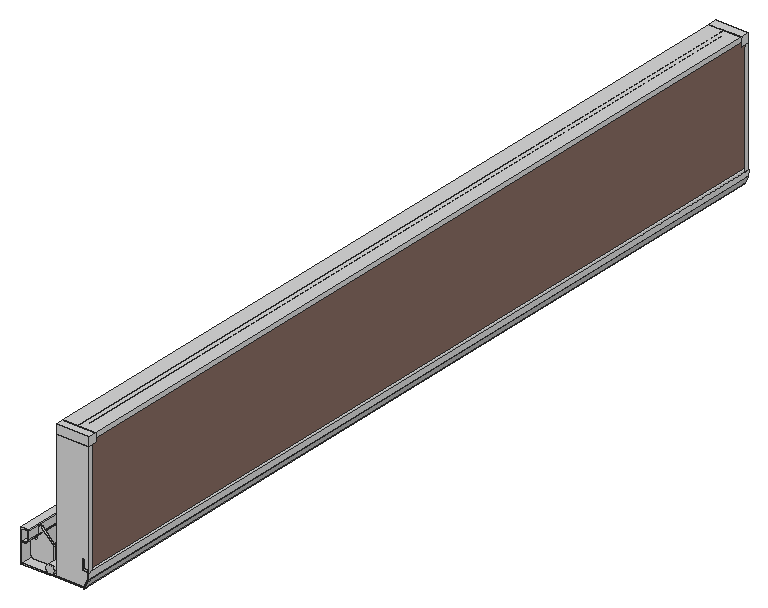
Revit family "ML_ML UNIVERSAL HINGED CORNER 8'_1920098", category Generic Models, Revit 2018
Family settings
  Can host rebar = No
  Round Connector Dimension = Use Diameter
  Part Type = Normal
  OmniClass Number = 35.51.14.00
  OmniClass Title = FORMWORK
  Work Plane-Based = Yes
  Always vertical = No
  Cut with Voids When Loaded = No
  Shared = Yes
  Room Calculation Point = No
Parameters
  VERSION = "20190101"  # constant formula
  URL = "www.ulmaconstruction.com/en"
  UNICLASS = ""
  REAL ANGLE [instance] = if(ANGLE < 5.00°, ANGLE, 5.00°)  # 0.00°
  ITEM_CODE = "1920098"
  Manufacturer = "ULMA CONSTRUCTION"  # constant formula
  INSERTION POINT [instance] = 0"
  FILTER [instance] = ""
  Default Elevation = 0"
  CLASSIFICATION_TITLE = ""
  CLASSIFICATION_NUMBER = ""
  CHANGE INSERTION SIDE [instance] = no
  ANGLE [instance] = 0.00°
Reference planes (in)
  plane 1 "Centro (Frontal/Posterior)": y = 0
  plane 2: z = 0
  plane 3 "Centro (Izquierda/Derecha)": x = 0
  plane 4 "ITEM_HEIGHT": y = 96
  plane 5: x = -4.5
  plane 6 "INSERTION POINT": y = 0
  plane 7: z = 0.61024
  plane 8 "TIE HOLES 1": x = -6.5
  plane 9 "LATERAL HOLES 1": z = 1.5
Forms (in)
  Extrusion 1, solid, material "ULMA ZINC"
    sketch origin (-6, 0, 0) x (-1, 0, 0) y (0, 0, -1)
      loop
        line (-1.45276, -0.11811) -> (1.88189, -0.11811) -> (1.88189, -3.6811) -> (1.05512, -3.6811) -> (1.05512, -3.79921) -> (2, -3.79921) -> (2, 0) -> (-1.45276, 0) -> (-1.45276, -0.11811)
    from -96 to 0
  Extrusion 2, solid, material "ULMA ZINC", detail levels fine
    sketch origin (-6.03937, 0, 0.03937) x (1, 0, 0) y (0, 0, 1)
      loop
        arc (-1.11417, 2.69965) -> (-1.12167, 2.66198) -> (-1.143, 2.63005) r 0.09843
        line (-1.143, 2.63005) -> (-1.38202, 2.39103)
        arc (-1.38202, 2.39103) -> (-1.41395, 2.3697) -> (-1.45162, 2.3622) r 0.09843
        line (-1.45162, 2.3622) -> (-1.84252, 2.3622) -> (-1.84252, 2.26378) -> (-1.45162, 2.26378)
        arc (-1.45162, 2.26378) -> (-1.37629, 2.27876) -> (-1.31242, 2.32144) r 0.19685
        line (-1.31242, 2.32144) -> (-1.0734, 2.56045)
        arc (-1.0734, 2.56045) -> (-1.03073, 2.62432) -> (-1.01575, 2.69965) r 0.19685
        line (-1.01575, 2.69965) -> (-1.01575, 3.64173) -> (-1.11417, 3.64173) -> (-1.11417, 2.69965)
    from -96 to 0
  Extrusion 3, solid, material "ULMA ZINC"
    sketch origin (-4.5, 0, 0.45276) x (1, 0, 0) y (0, 0, 1)
      loop
        circle (0, 0.15748) r 0.49213
    from -96 to 0
  Extrusion 4, solid, material "ULMA ZINC", detail levels fine
    sketch origin (0, 0, 0) x (1, 0, 0) y (0, 0, 1)
      loop
        line (-5.2413, 2.39878) -> (-6.52642, 3.6839)
        arc (-6.52642, 3.6839) -> (-6.65415, 3.76924) -> (-6.80481, 3.79921) r 0.3937
        line (-6.80481, 3.79921) -> (-7.01575, 3.79921) -> (-7.01575, 2.24409) -> (-7.88189, 2.24409) -> (-7.88189, 0.51181) -> (-7.48819, 0.11811) -> (-5.12598, 0.11811) -> (-5.12598, 2.12039)
        arc (-5.12598, 2.12039) -> (-5.15595, 2.27105) -> (-5.2413, 2.39878) r 0.3937
    from -1.45669 to -1.29921
  Extrusion 5, solid, material "ULMA ZINC", detail levels fine
    sketch origin (0, 14.46094, 0) x (1, 0, 0) y (0, 1, 0)
      loop
        arc (-6.07087, 5.34372) -> (-5.2357, 5.68966) -> (-4.88976, 6.52482) r 1.1811
        line (-4.88976, 6.52482) -> (-4.88976, 8.69079) -> (-5.08661, 8.69079) -> (-5.08661, 6.52482)
        arc (-5.08661, 6.52482) -> (-5.37489, 5.82885) -> (-6.07087, 5.54057) r 0.98425
        line (-6.07087, 5.54057) -> (-7.05512, 5.54057) -> (-7.05512, 5.34372) -> (-6.07087, 5.34372)
    from 0.11811 to 3.79921
  Extrusion 6, solid, material "ULMA ZINC", detail levels fine
    sketch origin (0, 0, 0) x (1, 0, 0) y (0, 0, 1)
      loop
        line (-5.2413, 2.39878) -> (-6.52642, 3.6839)
        arc (-6.52642, 3.6839) -> (-6.65415, 3.76924) -> (-6.80481, 3.79921) r 0.3937
        line (-6.80481, 3.79921) -> (-7.01575, 3.79921) -> (-7.01575, 2.24409) -> (-7.88189, 2.24409) -> (-7.88189, 0.51181) -> (-7.48819, 0.11811) -> (-5.12598, 0.11811) -> (-5.12598, 2.12039)
        arc (-5.12598, 2.12039) -> (-5.15595, 2.27105) -> (-5.2413, 2.39878) r 0.3937
    from -48.07936 to -47.92188
  Extrusion 7, solid, material "ULMA ZINC", detail levels fine
    sketch origin (0, 0, 0) x (1, 0, 0) y (0, 0, 1)
      loop
        line (-5.2413, 2.39878) -> (-6.52642, 3.6839)
        arc (-6.52642, 3.6839) -> (-6.65415, 3.76924) -> (-6.80481, 3.79921) r 0.3937
        line (-6.80481, 3.79921) -> (-7.01575, 3.79921) -> (-7.01575, 2.24409) -> (-7.88189, 2.24409) -> (-7.88189, 0.51181) -> (-7.48819, 0.11811) -> (-5.12598, 0.11811) -> (-5.12598, 2.12039)
        arc (-5.12598, 2.12039) -> (-5.15595, 2.27105) -> (-5.2413, 2.39878) r 0.3937
    from -94.70079 to -94.54331
  Extrusion 8, solid, material "ULMA ZINC", detail levels fine
    sketch origin (0, 0, 0) x (1, 0, 0) y (0, 0, 1)
      loop
        line (-4.59449, 3.79921) -> (-7.01575, 3.79921) -> (-7.01575, 2.24409) -> (-7.88189, 2.24409) -> (-7.88189, 0.51181) -> (-7.48819, 0.11811) -> (-5.06693, 0.11811) -> (-5.06693, 1.67323) -> (-4.20079, 1.67323) -> (-4.20079, 3.40551) -> (-4.59449, 3.79921)
    from -72.84889 to -72.69141
  Extrusion 9, solid, material "ULMA ZINC", detail levels fine
    sketch origin (0, 95.99849, 0) x (1, 0, 0) y (0, 1, 0)
      loop
        line (-6.07087, -19.80315) -> (-7.05512, -19.80315) -> (-7.05512, -20) -> (-6.07087, -20)
        arc (-6.07087, -20) -> (-5.37489, -20.28828) -> (-5.08661, -20.98425) r 0.98425
        line (-5.08661, -20.98425) -> (-5.08661, -23.14961) -> (-4.88976, -23.14961) -> (-4.88976, -20.98425)
        arc (-4.88976, -20.98425) -> (-5.2357, -20.14909) -> (-6.07087, -19.80315) r 1.1811
    from 0.11811 to 3.79921
  Extrusion 10, solid, material "ULMA ZINC", detail levels fine
    sketch origin (0.26575, 0, 0) x (1, 0, 0) y (0, 0, 1)
      loop
        line (-4.59449, 3.79921) -> (-7.01575, 3.79921) -> (-7.01575, 2.24409) -> (-7.88189, 2.24409) -> (-7.88189, 0.51181) -> (-7.48819, 0.11811) -> (-5.06693, 0.11811) -> (-5.06693, 1.67323) -> (-4.20079, 1.67323) -> (-4.20079, 3.40551) -> (-4.59449, 3.79921)
    from -23.30859 to -23.15111
Cuts and joins
  joined: Extrusion 2, Extrusion 4
Lines and regions (in)
  model lines, style "ULMA PANELS", detail levels fine
    curve 1: circle (-8, 6, 1.5) r 0.3937 normal (1, 0, 0)
    curve 2: circle (-7.88189, 6, 1.5) r 0.3937 normal (1, 0, 0)
    curve 3: circle (-7.88189, 18, 1.5) r 0.3937 normal (1, 0, 0)
    curve 4: circle (-7.88189, 30, 1.5) r 0.3937 normal (1, 0, 0)
    curve 5: circle (-7.88189, 42, 1.5) r 0.3937 normal (1, 0, 0)
    curve 6: circle (-8, 18, 1.5) r 0.3937 normal (1, 0, 0)
    curve 7: circle (-8, 30, 1.5) r 0.3937 normal (1, 0, 0)
    curve 8: circle (-8, 42, 1.5) r 0.3937 normal (1, 0, 0)
    curve 12: circle (-6.5, 74.76953, 0) r 0.61024 normal (0, 0, 1)
    curve 13: circle (-6.5, 74.76953, 0.11811) r 0.61024 normal (0, 0, 1)
    curve 14: circle (-6.5, 21.23047, 0) r 0.61024 normal (0, 0, 1)
    curve 15: circle (-6.5, 21.23047, 0.11811) r 0.61024 normal (0, 0, 1)
    curve 19: circle (-7.88189, 54, 1.5) r 0.3937 normal (1, 0, 0)
    curve 20: circle (-7.88189, 66, 1.5) r 0.3937 normal (1, 0, 0)
    curve 21: circle (-7.88189, 78, 1.5) r 0.3937 normal (1, 0, 0)
    curve 22: circle (-7.88189, 90, 1.5) r 0.3937 normal (1, 0, 0)
    curve 23: circle (-8, 54, 1.5) r 0.3937 normal (1, 0, 0)
    curve 24: circle (-8, 66, 1.5) r 0.3937 normal (1, 0, 0)
    curve 25: circle (-8, 78, 1.5) r 0.3937 normal (1, 0, 0)
    curve 26: circle (-8, 90, 1.5) r 0.3937 normal (1, 0, 0)
  model lines, style "ULMA PANELS", detail levels medium
    curve 9: line (-8, 0, 0) -> (-8, 0, 3.79921)
    curve 10: line (-8, 0, 3.79921) -> (-8, 96, 3.79921)
    curve 11: line (-8, 96, 3.79921) -> (-8, 96, 0)
  reference lines
    curve 16: line (-4.5, 0, 0.61024) -> (9.5, 0, 0.61024)
  model lines, style "ULMA REFERENCE", detail levels fine
    curve 17: circle (-6.5, 74.76953, 3.79921) r 0.61024 normal (0, 0, 1)
    curve 18: circle (-6.5, 21.23047, 3.79921) r 0.61024 normal (0, 0, 1)
Dimensions and locks (in)
  locked: plane 1 "Centro (Frontal/Posterior)" to curve 2 at 6
  plane 1 "Centro (Frontal/Posterior)" to plane 4 "ITEM_HEIGHT" = 96"
  locked: curve 1 to plane 1 "Centro (Frontal/Posterior)" at 6
  locked: plane 3 "Centro (Izquierda/Derecha)" to plane 5 at 4.5
  Extrusion 8 sketch curve to Extrusion 8 sketch curve = 0.86614"
  Extrusion 10 sketch curve to Extrusion 10 sketch curve = 0.86614"
  "INSERTION POINT": plane 1 "Centro (Frontal/Posterior)" to plane 6 "INSERTION POINT"
  locked: plane 7 to plane 2 at 0.61024
  locked: plane 8 "TIE HOLES 1" to plane 3 "Centro (Izquierda/Derecha)" at 6.5
  locked: plane 2 to plane 9 "LATERAL HOLES 1" at 1.5
  "REAL ANGLE": angle plane 2 to curve 16
  aligned and locked: plane 4 "ITEM_HEIGHT" to Extrusion 3
  aligned and locked: Extrusion 3 to Extrusion 1
  aligned and locked: Extrusion 1 to Extrusion 2
  aligned and locked: plane 5 to curve 16
  aligned and locked: plane 7 to curve 16
  aligned and locked: nested 1 to plane 1 "Centro (Frontal/Posterior)"
Automatic sketch dimensions
  Extrusion 1 sketch curve to level = 0"
  Extrusion 1 sketch curve to plane 5 = 0.04724"
  Extrusion 1 sketch curve to plane 5 = 2.55512"
  Extrusion 1 sketch curve to level = 0.11811"
  Extrusion 1 sketch curve to Extrusion 1 sketch curve = 3.33465"
  Extrusion 1 sketch curve to Extrusion 1 sketch curve = 0.11811"  (x2)
  Extrusion 1 sketch curve to Extrusion 1 sketch curve = 3.56299"
  Extrusion 2 sketch curve to Extrusion 2 sketch curve = 0"  (x4)
  plane 5 to Extrusion 2 sketch curve = 3.38189"
  Extrusion 2 sketch curve to Extrusion 2 sketch curve = 0.3909"
  Extrusion 2 sketch curve to Extrusion 2 sketch curve = 0.0696"  (x4)
  Extrusion 2 sketch curve to Extrusion 2 sketch curve = 0.23902"  (x2)
  Extrusion 2 sketch curve to Extrusion 2 sketch curve = 0.09843"  (x3)
  level to Extrusion 2 sketch curve = 2.30315"
  Extrusion 2 sketch curve to Extrusion 2 sketch curve = 0.05766"
  Extrusion 2 sketch curve to Extrusion 2 sketch curve = 0.94208"
  plane 5 to Extrusion 3 sketch curve = 0"
  level to Extrusion 3 sketch curve = 0.61024"
  level to Extrusion 4 sketch curve = 0.51181"
  plane 5 to Extrusion 4 sketch curve = 3.38189"
  level to Extrusion 4 sketch curve = 0.11811"
  Extrusion 4 sketch curve to Extrusion 4 sketch curve = 0.3937"
  Extrusion 4 sketch curve to Extrusion 4 sketch curve = 0.86614"
  Extrusion 4 sketch curve to Extrusion 4 sketch curve = 27/128"
  Extrusion 4 sketch curve to Extrusion 4 sketch curve = 0.27839"  (x3)
  plane 5 to Extrusion 4 sketch curve = 1.01969"
  plane 5 to Extrusion 4 sketch curve = 0.62598"
  Extrusion 4 sketch curve to Extrusion 4 sketch curve = 2.00228"
  Extrusion 4 sketch curve to Extrusion 4 sketch curve = 0.12371"
  Extrusion 4 sketch curve to Extrusion 4 sketch curve = 1.16142"
  Extrusion 5 sketch curve to Extrusion 5 sketch curve = 0.98425"  (x2)
  Extrusion 5 sketch curve to Extrusion 5 sketch curve = 0.19685"
  level to Extrusion 6 sketch curve = 0.51181"
  plane 5 to Extrusion 6 sketch curve = 3.38189"
  level to Extrusion 6 sketch curve = 0.11811"
  Extrusion 6 sketch curve to Extrusion 6 sketch curve = 0.3937"
  Extrusion 6 sketch curve to Extrusion 6 sketch curve = 0.86614"
  Extrusion 6 sketch curve to Extrusion 6 sketch curve = 27/128"
  Extrusion 6 sketch curve to Extrusion 6 sketch curve = 0.27839"  (x3)
  plane 5 to Extrusion 6 sketch curve = 1.01969"
  plane 5 to Extrusion 6 sketch curve = 0.62598"
  Extrusion 6 sketch curve to Extrusion 6 sketch curve = 2.00228"
  Extrusion 6 sketch curve to Extrusion 6 sketch curve = 0.12371"
  Extrusion 6 sketch curve to Extrusion 6 sketch curve = 1.16142"
  level to Extrusion 7 sketch curve = 0.51181"
  plane 5 to Extrusion 7 sketch curve = 3.38189"
  level to Extrusion 7 sketch curve = 0.11811"
  Extrusion 7 sketch curve to Extrusion 7 sketch curve = 0.3937"
  Extrusion 7 sketch curve to Extrusion 7 sketch curve = 0.86614"
  Extrusion 7 sketch curve to Extrusion 7 sketch curve = 27/128"
  Extrusion 7 sketch curve to Extrusion 7 sketch curve = 0.27839"  (x3)
  plane 5 to Extrusion 7 sketch curve = 1.01969"
  plane 5 to Extrusion 7 sketch curve = 0.62598"
  Extrusion 7 sketch curve to Extrusion 7 sketch curve = 2.00228"
  Extrusion 7 sketch curve to Extrusion 7 sketch curve = 0.12371"
  Extrusion 7 sketch curve to Extrusion 7 sketch curve = 1.16142"
  Extrusion 8 sketch curve to Extrusion 8 sketch curve = 0.3937"  (x3)
  Extrusion 8 sketch curve to Extrusion 8 sketch curve = 1.73228"  (x2)
  Extrusion 9 sketch curve to Extrusion 9 sketch curve = 0"  (x3)
  Extrusion 9 sketch curve to Extrusion 9 sketch curve = 0.98425"  (x2)
  Extrusion 9 sketch curve to Extrusion 9 sketch curve = 0.19685"
  Extrusion 8 sketch curve to Extrusion 8 sketch curve = 2.42126"
  Extrusion 8 sketch curve to Extrusion 8 sketch curve = 0.47244"
  Extrusion 8 sketch curve to Extrusion 8 sketch curve = 0.86614"
  Extrusion 8 sketch curve to Extrusion 8 sketch curve = 1.55512"
  curve 13 to Extrusion 9 = 0.55512"  (x2)
  Extrusion 9 to curve 13 = 1.22896"  (x2)
  Extrusion 5 to curve 15 = 0.55512"  (x3)
  curve 15 to Extrusion 5 = 1.22896"  (x3)
  Extrusion 5 sketch curve to Extrusion 5 sketch curve = 2.16597"
  Extrusion 5 sketch curve to Extrusion 5 sketch curve = 0"  (x3)
  Extrusion 10 sketch curve to Extrusion 10 sketch curve = 0.55678"  (x3)
  Extrusion 10 sketch curve to Extrusion 10 sketch curve = 2.42126"  (x2)
  Extrusion 10 sketch curve to Extrusion 10 sketch curve = 2.17785"
  Extrusion 10 sketch curve to Extrusion 10 sketch curve = 0.86614"  (x3)
  Extrusion 10 sketch curve to Extrusion 10 sketch curve = 1.78005"
  Extrusion 10 sketch curve to Extrusion 10 sketch curve = 1.73228"  (x4)
  Extrusion 10 sketch curve to Extrusion 10 sketch curve = 0.3937"  (x3)
  Extrusion 10 sketch curve to Extrusion 10 sketch curve = 1.55512"
  Extrusion 10 sketch curve to Extrusion 10 sketch curve = 0.47244"
  curve 9 to Extrusion 1 = 0"  (x3)
  curve 11 to Extrusion 1 = 0"  (x2)
  plane 9 "LATERAL HOLES 1" to curve 2 = 0"
  curve 2 to plane 1 "Centro (Frontal/Posterior)" = 6"
  plane 9 "LATERAL HOLES 1" to curve 3 = 0"
  plane 9 "LATERAL HOLES 1" to curve 4 = 0"
  plane 9 "LATERAL HOLES 1" to curve 5 = 0"
  plane 9 "LATERAL HOLES 1" to curve 19 = 0"
  plane 9 "LATERAL HOLES 1" to curve 20 = 0"
  plane 9 "LATERAL HOLES 1" to curve 21 = 0"
  plane 9 "LATERAL HOLES 1" to curve 22 = 0"
  curve 22 to plane 4 "ITEM_HEIGHT" = 6"
  curve 14 to plane 8 "TIE HOLES 1" = 0"
  Extrusion 5 sketch curve to plane 8 "TIE HOLES 1" = 0.55512"
  Extrusion 10 sketch curve to plane 7 = 0.09843"
  Extrusion 10 sketch curve to plane 8 "TIE HOLES 1" = 1.11614"
  Extrusion 1 to curve 18 = 0.55512"
  Extrusion 1 to curve 18 = 21 59/256"
  curve 12 to plane 8 "TIE HOLES 1" = 0"
  Extrusion 8 sketch curve to plane 7 = 0.09843"
  Extrusion 8 sketch curve to plane 8 "TIE HOLES 1" = 1.38189"
  plane 8 "TIE HOLES 1" to Extrusion 9 sketch curve = 0.55512"
  Extrusion 1 to curve 17 = 0.55512"
  Extrusion 1 to curve 17 = 21 59/256"
  plane 9 "LATERAL HOLES 1" to curve 26 = 0"
  curve 26 to plane 4 "ITEM_HEIGHT" = 6"
  plane 9 "LATERAL HOLES 1" to curve 25 = 0"
  plane 9 "LATERAL HOLES 1" to curve 24 = 0"
  plane 9 "LATERAL HOLES 1" to curve 23 = 0"
  plane 9 "LATERAL HOLES 1" to curve 8 = 0"
  plane 9 "LATERAL HOLES 1" to curve 7 = 0"
  plane 9 "LATERAL HOLES 1" to curve 6 = 0"
  plane 9 "LATERAL HOLES 1" to curve 1 = 0"
  curve 1 to plane 1 "Centro (Frontal/Posterior)" = 6"
  curve 4 to curve 5 = 12"
  curve 5 to curve 19 = 12"
  curve 24 to curve 23 = 12"
  curve 23 to curve 8 = 12"
  curve 14 to plane 1 "Centro (Frontal/Posterior)" = 21 59/256"
  Extrusion 5 sketch curve to plane 1 "Centro (Frontal/Posterior)" = 19.80466"
  curve 2 to curve 3 = 12"
  curve 3 to curve 4 = 12"
  curve 8 to curve 7 = 12"
  curve 6 to curve 1 = 12"
  curve 12 to plane 4 "ITEM_HEIGHT" = 21 59/256"
  plane 4 "ITEM_HEIGHT" to Extrusion 9 sketch curve = 19.80466"
  Extrusion 9 sketch curve to Extrusion 9 sketch curve = 2.16535"
  curve 19 to curve 20 = 12"
  curve 20 to curve 21 = 12"
  curve 26 to curve 25 = 12"
  curve 25 to curve 24 = 12"
  radius of curve 2 = 0.3937"  (x2)
  radius of curve 3 = 0.3937"  (x2)
  radius of curve 4 = 0.3937"  (x2)
  radius of curve 5 = 0.3937"  (x2)
  radius of curve 1 = 0.3937"  (x2)
  radius of curve 6 = 0.3937"  (x2)
  radius of curve 7 = 0.3937"  (x2)
  radius of curve 8 = 0.3937"  (x2)
  radius of Extrusion 3 sketch curve = 0.49213"
  radius of curve 12 = 0.61024"  (x2)
  radius of curve 13 = 0.61024"  (x2)
  radius of curve 14 = 0.61024"  (x2)
  radius of curve 15 = 0.61024"  (x3)
  radius of curve 17 = 0.61024"  (x2)
  radius of curve 18 = 0.61024"  (x2)
  radius of curve 19 = 0.3937"  (x2)
  radius of curve 20 = 0.3937"  (x2)
  radius of curve 21 = 0.3937"  (x2)
  radius of curve 22 = 0.3937"  (x2)
  radius of curve 23 = 0.3937"  (x2)
  radius of curve 24 = 0.3937"  (x2)
  radius of curve 25 = 0.3937"  (x2)
  radius of curve 26 = 0.3937"  (x2)
Nested families (in)
  nested 1: "MARCO G UNIVERSAL - 1920084_PANELS" at (-4.5, 96, 0.61024), type "MARCO G UNIVERSAL - 1920084_PANELS"
    with FILTER ""
Definition of nested family "MARCO G UNIVERSAL - 1920084_PANELS"
  Parameters (values of type "MARCO G UNIVERSAL - 1920084_PANELS")
    VERSION = "20190101"  # constant formula
    URL = "www.ulmaconstruction.com/en"
    UNICLASS = ""
    Manufacturer = "ULMA CONSTRUCTION"  # constant formula
    FILTER [instance] = ""
    Default Elevation = 0"
    CLASSIFICATION_TITLE = ""
    CLASSIFICATION_NUMBER = ""
  Reference planes (in)
    plane 1 "Centro (Frontal/Posterior)": y = 0
    plane 2: z = 0
    plane 3 "Centro (Izquierda/Derecha)": x = 0
    plane 4 "ITEM_HEIGHT": y = 96
    plane 5: y = 23.51172
    plane 6: y = 72.48828
    plane 7: y = 6
    plane 8: y = 42.00219
    plane 9: y = 90
    plane 10: y = 54.00219
    plane 11 "LATERAL HOLES": x = 3
    plane 12 "TIE HOLES": z = 13.88976
    plane 13: z = 12.88976
    plane 14: z = 10.88189
    plane 15: z = 8.88189
    plane 16: z = 6.88189
    plane 17: z = 4.88189
    plane 18: z = 12.88976
    plane 19: z = 10.88189
    plane 20: z = 8.88189
    plane 21: z = 6.88189
    plane 22: z = 4.88189
    plane 23: z = 12.88976
    plane 24: z = 10.88189
    plane 25: z = 8.88189
    plane 26: z = 6.88189
    plane 27: z = 4.88189
    plane 28: z = 12.88976
    plane 29: z = 10.88189
    plane 30: z = 8.88189
    plane 31: z = 6.88189
    plane 32: z = 4.88189
  Forms (in)
    Extrusion 1, solid, detail levels fine
      sketch origin (4.49989, 0, -13.27756) x (0, 1, 0) y (-1, 0, 0)
        loop
          line (0.47244, 0) -> (95.52756, 0) -> (95.52756, 0.64972) -> (0.47244, 0.64972) -> (0.47244, 0)
      from 14.83661 to 28.19488
    Extrusion 2, solid, detail levels fine
      sketch origin (3.12193, 12.00397, 29.38886) x (0, 0, -1) y (0, -1, 0)
        loop
          line (16.95276, -11.50775) -> (17.14961, -11.50775) -> (17.14961, -9.3424)
          arc (17.14961, -9.3424) -> (16.80367, -8.50723) -> (15.9685, -8.16129) r 1.1811
          line (15.9685, -8.16129) -> (14.98425, -8.16129) -> (14.98425, -8.35814) -> (15.9685, -8.35814)
          arc (15.9685, -8.35814) -> (16.66448, -8.64643) -> (16.95276, -9.3424) r 0.98425
          line (16.95276, -9.3424) -> (16.95276, -11.50775)
      from -0.72823 to 2.42126
    Extrusion 3, solid, detail levels fine
      sketch origin (-13.6694, 0, 4.22047) x (1, 0, 0) y (0, 0, 1)
        loop
          circle (15, 3.16929) r 0.3937
      from -4.52331 to -0.98425
    Extrusion 4, solid, detail levels fine
      sketch origin (9.72114, 59.99616, 29.38917) x (0, 0, -1) y (0, -1, 0)
        loop
          line (16.95276, -12.49213) -> (16.95276, -14.65748)
          arc (16.95276, -14.65748) -> (16.66448, -15.35345) -> (15.9685, -15.64173) r 0.98425
          line (15.9685, -15.64173) -> (14.98425, -15.64173) -> (14.98425, -15.83858) -> (15.9685, -15.83858)
          arc (15.9685, -15.83858) -> (16.80367, -15.49265) -> (17.14961, -14.65748) r 1.1811
          line (17.14961, -14.65748) -> (17.14961, -12.49213) -> (16.95276, -12.49213)
      from 5.87097 to 9.02046
    Extrusion 5, solid, detail levels fine
      sketch origin (0, 0, 0) x (1, 0, 0) y (0, 0, 1)
        loop
          line (0.04724, -0.49213) -> (0.04724, -0.61024) -> (3.88412, -0.61024)
          arc (3.88412, -0.61024) -> (4.01104, -0.57324) -> (4.09821, -0.47385) r 0.23622
          line (4.09821, -0.47385) -> (4.47787, 0.34033)
          arc (4.47787, 0.34033) -> (4.4944, 0.38904) -> (4.5, 0.44016) r 0.23622
          line (4.5, 0.44016) -> (4.5, 1.16535)
          arc (4.5, 1.16535) -> (4.43081, 1.33239) -> (4.26378, 1.40157) r 0.23622
          line (4.26378, 1.40157) -> (3.9685, 1.40157)
          arc (3.9685, 1.40157) -> (3.88499, 1.43617) -> (3.85039, 1.51969) r 0.11811
          line (3.85039, 1.51969) -> (3.85028, 2.39961) -> (3.73228, 2.39961) -> (3.73228, 1.51969)
          arc (3.73228, 1.51969) -> (3.80147, 1.35265) -> (3.9685, 1.28346) r 0.23622
          line (3.9685, 1.28346) -> (4.26378, 1.28346)
          arc (4.26378, 1.28346) -> (4.3473, 1.24887) -> (4.38189, 1.16535) r 0.11811
          line (4.38189, 1.16535) -> (4.38189, 0.44016)
          arc (4.38189, 0.44016) -> (4.37909, 0.4146) -> (4.37082, 0.39025) r 0.11811
          line (4.37082, 0.39025) -> (3.99117, -0.42393)
          arc (3.99117, -0.42393) -> (3.94758, -0.47363) -> (3.88412, -0.49213) r 0.11811
          line (3.88412, -0.49213) -> (0.04724, -0.49213)
      from -96 to 0
    Extrusion 6, solid, detail levels fine
      sketch origin (4.49989, 66.01575, 58.88976) x (0, 0, -1) y (1, 0, 0)
        loop
          line (43.5, 0) -> (43.5, -3.79921) -> (44.32736, -3.79921)
          arc (44.32736, -3.79921) -> (44.43872, -3.75309) -> (44.48484, -3.64173) r 0.15748
          line (44.48484, -3.64173) -> (44.48484, -2.6821)
          arc (44.48484, -2.6821) -> (44.47326, -2.62282) -> (44.44021, -2.57226) r 0.15748
          line (44.44021, -2.57226) -> (44.24381, -2.37047)
          arc (44.24381, -2.37047) -> (44.19221, -2.33523) -> (44.13096, -2.32283) r 0.15748
          line (44.13096, -2.32283) -> (43.77587, -2.32283)
          arc (43.77587, -2.32283) -> (43.71999, -2.29957) -> (43.69713, -2.24353) r 0.07874
          line (43.69713, -2.24353) -> (43.69713, -1.08193)
          arc (43.69713, -1.08193) -> (43.72527, -1.03996) -> (43.77314, -1.02374) r 0.07874
          line (43.77314, -1.02374) -> (44.32677, -1.02374)
          arc (44.32677, -1.02374) -> (44.43813, -0.97761) -> (44.48425, -0.86626) r 0.15748
          line (44.48425, -0.86626) -> (44.48425, -0.8072)
          arc (44.48425, -0.8072) -> (44.43813, -0.69584) -> (44.32677, -0.64972) r 0.15748
          line (44.32677, -0.64972) -> (43.97244, -0.64972) -> (43.97244, 0) -> (43.5, 0)
      from -29 to 65.0315
    Extrusion 7, solid, detail levels fine
      sketch origin (4.49977, -10.24409, -14.61811) x (0, 1, 0) y (-1, 0, 0)
        loop
          line (14.86614, 3.7991) -> (14.76772, 3.7991) -> (14.76772, 0.84634)
          arc (14.76772, 0.84634) -> (14.82537, 0.70715) -> (14.96457, 0.64949) r 0.19685
          line (14.96457, 0.64949) -> (17.52362, 0.64949)
          arc (17.52362, 0.64949) -> (17.66282, 0.70715) -> (17.72047, 0.84634) r 0.19685
          line (17.72047, 0.84634) -> (17.72047, 3.7991) -> (17.62205, 3.7991) -> (17.62205, 0.84634)
          arc (17.62205, 0.84634) -> (17.59322, 0.77675) -> (17.52362, 0.74792) r 0.09843
          line (17.52362, 0.74792) -> (14.96457, 0.74792)
          arc (14.96457, 0.74792) -> (14.89497, 0.77675) -> (14.86614, 0.84634) r 0.09843
          line (14.86614, 0.84634) -> (14.86614, 3.7991)
      from 14.12598 to 29.01575
    Extrusion 8, solid, detail levels fine
      sketch origin (4.49989, 67.22835, 8.20353) x (0, 1, 0) y (-1, 0, 0)
        loop
          line (5.26378, 3.79921) -> (4.27953, 3.79921) -> (4.27953, 0.64961) -> (5.26378, 0.64961) -> (5.26378, 3.79921)
      from -8.69566 to 6.20139
    Extrusion 9, solid, detail levels fine
      sketch origin (4.49977, 25.7581, -14.61811) x (0, 1, 0) y (-1, 0, 0)
        loop
          line (14.86614, 3.7991) -> (14.76772, 3.7991) -> (14.76772, 0.84634)
          arc (14.76772, 0.84634) -> (14.82537, 0.70715) -> (14.96457, 0.64949) r 0.19685
          line (14.96457, 0.64949) -> (17.52362, 0.64949)
          arc (17.52362, 0.64949) -> (17.66282, 0.70715) -> (17.72047, 0.84634) r 0.19685
          line (17.72047, 0.84634) -> (17.72047, 3.7991) -> (17.62205, 3.7991) -> (17.62205, 0.84634)
          arc (17.62205, 0.84634) -> (17.59322, 0.77675) -> (17.52362, 0.74792) r 0.09843
          line (17.52362, 0.74792) -> (14.96457, 0.74792)
          arc (14.96457, 0.74792) -> (14.89497, 0.77675) -> (14.86614, 0.84634) r 0.09843
          line (14.86614, 0.84634) -> (14.86614, 3.7991)
      from 14.12598 to 29.01575
    Extrusion 10, solid, detail levels fine
      sketch origin (4.49977, 73.75591, -14.61811) x (0, 1, 0) y (-1, 0, 0)
        loop
          line (14.86614, 3.7991) -> (14.76772, 3.7991) -> (14.76772, 0.84634)
          arc (14.76772, 0.84634) -> (14.82537, 0.70715) -> (14.96457, 0.64949) r 0.19685
          line (14.96457, 0.64949) -> (17.52362, 0.64949)
          arc (17.52362, 0.64949) -> (17.66282, 0.70715) -> (17.72047, 0.84634) r 0.19685
          line (17.72047, 0.84634) -> (17.72047, 3.7991) -> (17.62205, 3.7991) -> (17.62205, 0.84634)
          arc (17.62205, 0.84634) -> (17.59322, 0.77675) -> (17.52362, 0.74792) r 0.09843
          line (17.52362, 0.74792) -> (14.96457, 0.74792)
          arc (14.96457, 0.74792) -> (14.89497, 0.77675) -> (14.86614, 0.84634) r 0.09843
          line (14.86614, 0.84634) -> (14.86614, 3.7991)
      from 14.12598 to 29.01575
    Extrusion 11, solid, detail levels fine
      sketch origin (-13.6694, 0, 4.22047) x (1, 0, 0) y (0, 0, 1)
        loop
          circle (15, 3.16929) r 0.3937
      from -40.52581 to -24.49432
    Extrusion 12, solid, detail levels fine
      sketch origin (-13.6694, 0, 4.22047) x (1, 0, 0) y (0, 0, 1)
        loop
          circle (15, 3.16929) r 0.3937
      from -71.51007 to -55.47857
    Extrusion 13, solid, detail levels fine
      sketch origin (-13.6694, 0, 4.22047) x (1, 0, 0) y (0, 0, 1)
        loop
          circle (15, 3.16929) r 0.3937
      from -95.01575 to -91.47669
    Extrusion 14, solid, detail levels fine
      sketch origin (4.49989, 19.22835, 8.20353) x (0, 1, 0) y (-1, 0, 0)
        loop
          line (5.26378, 3.79921) -> (4.27953, 3.79921) -> (4.27953, 0.64961) -> (5.26378, 0.64961) -> (5.26378, 3.79921)
      from -8.69566 to 6.20139
    Extrusion 15, void
      sketch origin (0, 0, 0) x (1, 0, 0) y (0, 0, 1)
        loop
          line (4.34252, 0.45276) -> (3.91855, -0.45644) -> (3.86254, -0.49213) -> (4.5, -0.49213) -> (4.5, 1.16142) -> (4.34252, 1.16142) -> (4.34252, 0.45276)
      from -96 to -95.52756
    Extrusion 16, void
      sketch origin (0, 48, 0) x (1, 0, 0) y (0, 0, -1)
        loop
          line (4.34252, -0.45276) -> (4.34252, -1.16142) -> (4.5, -1.16142) -> (4.5, 0.49213) -> (3.86254, 0.49213) -> (3.91855, 0.45644) -> (4.34252, -0.45276)
      from -48 to -47.52756
    Extrusion 17, solid, detail levels fine
      sketch origin (4.49977, 37.7581, -14.61811) x (0, 1, 0) y (-1, 0, 0)
        loop
          line (14.86614, 3.7991) -> (14.76772, 3.7991) -> (14.76772, 0.84634)
          arc (14.76772, 0.84634) -> (14.82537, 0.70715) -> (14.96457, 0.64949) r 0.19685
          line (14.96457, 0.64949) -> (17.52362, 0.64949)
          arc (17.52362, 0.64949) -> (17.66282, 0.70715) -> (17.72047, 0.84634) r 0.19685
          line (17.72047, 0.84634) -> (17.72047, 3.7991) -> (17.62205, 3.7991) -> (17.62205, 0.84634)
          arc (17.62205, 0.84634) -> (17.59322, 0.77675) -> (17.52362, 0.74792) r 0.09843
          line (17.52362, 0.74792) -> (14.96457, 0.74792)
          arc (14.96457, 0.74792) -> (14.89497, 0.77675) -> (14.86614, 0.84634) r 0.09843
          line (14.86614, 0.84634) -> (14.86614, 3.7991)
      from 14.12598 to 29.01575
    Extrusion 18, solid, detail levels fine
      sketch origin (4.49989, 6.01575, 15.38817) x (0, 0, -1) y (0, -1, 0)
        loop
          line (0.98265, 6.01575) -> (-0.0016, 6.01575) -> (-0.0016, 5.0315) -> (0.98265, 5.0315) -> (0.98265, 6.01575)
      from 0 to 3.79921
    Extrusion 19, solid, detail levels fine
      sketch origin (4.49989, -43.5, -12.02725) x (1, 0, 0) y (0, 1, 0)
        loop
          line (0, 43.5) -> (0, 43.97244) -> (-0.64972, 43.97244) -> (-0.64972, 44.32677)
          arc (-0.64972, 44.32677) -> (-0.69584, 44.43813) -> (-0.8072, 44.48425) r 0.15748
          line (-0.8072, 44.48425) -> (-0.86626, 44.48425)
          arc (-0.86626, 44.48425) -> (-0.97761, 44.43813) -> (-1.02374, 44.32677) r 0.15748
          line (-1.02374, 44.32677) -> (-1.02374, 43.77314)
          arc (-1.02374, 43.77314) -> (-1.03996, 43.72527) -> (-1.08193, 43.69713) r 0.07874
          line (-1.08193, 43.69713) -> (-2.24353, 43.69713)
          arc (-2.24353, 43.69713) -> (-2.29957, 43.71999) -> (-2.32283, 43.77587) r 0.07874
          line (-2.32283, 43.77587) -> (-2.32283, 44.13096)
          arc (-2.32283, 44.13096) -> (-2.33523, 44.19221) -> (-2.37047, 44.24381) r 0.15748
          line (-2.37047, 44.24381) -> (-2.57226, 44.44021)
          arc (-2.57226, 44.44021) -> (-2.62282, 44.47326) -> (-2.6821, 44.48484) r 0.15748
          line (-2.6821, 44.48484) -> (-3.64173, 44.48484)
          arc (-3.64173, 44.48484) -> (-3.75309, 44.43872) -> (-3.79921, 44.32736) r 0.15748
          line (-3.79921, 44.32736) -> (-3.79921, 43.5) -> (0, 43.5)
      from 11.53513 to 26.43217
    Extrusion 20, solid, detail levels fine
      sketch origin (4.49989, 105.01575, 15.38817) x (0, 0, -1) y (0, -1, 0)
        loop
          line (0.98265, 10) -> (-0.0016, 10) -> (-0.0016, 9.01575) -> (0.98265, 9.01575) -> (0.98265, 10)
      from 0 to 3.79921
    Extrusion 21, solid, detail levels fine
      sketch origin (4.49989, 139.5, 7.9685) x (0, -1, 0) y (1, 0, 0)
        loop
          line (43.5, 0) -> (43.5, -3.79921) -> (44.32736, -3.79921)
          arc (44.32736, -3.79921) -> (44.43872, -3.75309) -> (44.48484, -3.64173) r 0.15748
          line (44.48484, -3.64173) -> (44.48484, -2.6821)
          arc (44.48484, -2.6821) -> (44.47326, -2.62282) -> (44.44021, -2.57226) r 0.15748
          line (44.44021, -2.57226) -> (44.24381, -2.37047)
          arc (44.24381, -2.37047) -> (44.19221, -2.33523) -> (44.13096, -2.32283) r 0.15748
          line (44.13096, -2.32283) -> (43.77587, -2.32283)
          arc (43.77587, -2.32283) -> (43.71999, -2.29957) -> (43.69713, -2.24353) r 0.07874
          line (43.69713, -2.24353) -> (43.69713, -1.08193)
          arc (43.69713, -1.08193) -> (43.72527, -1.03996) -> (43.77314, -1.02374) r 0.07874
          line (43.77314, -1.02374) -> (44.32677, -1.02374)
          arc (44.32677, -1.02374) -> (44.43813, -0.97761) -> (44.48425, -0.86626) r 0.15748
          line (44.48425, -0.86626) -> (44.48425, -0.8072)
          arc (44.48425, -0.8072) -> (44.43813, -0.69584) -> (44.32677, -0.64972) r 0.15748
          line (44.32677, -0.64972) -> (43.97244, -0.64972) -> (43.97244, 0) -> (43.5, 0)
      from -8.46063 to 6.42913
    Extrusion 22, solid, detail levels coarse+medium
      sketch origin (0, 0, 0) x (0, 1, 0) y (0, 0, 1)
        loop
          line (96, 15.38976) -> (0, 15.38976) -> (0, -0.61024) -> (96, -0.61024) -> (96, 15.38976)
      from 0.70067 to 4.49989
  Cuts and joins
    Extrusion 16 cuts Extrusion 19
    Extrusion 15 cuts Extrusion 21
  Lines and regions (in)
    model lines, detail levels fine
      curve 1: circle (3.75185, 6, 4.88189) r 0.41339 normal (-1, 0, 0)
      curve 2: circle (3.75185, 6, 6.88189) r 0.41339 normal (-1, 0, 0)
      curve 3: circle (3.75185, 6, 8.88189) r 0.41339 normal (-1, 0, 0)
      curve 4: circle (3.75185, 6, 10.88189) r 0.41339 normal (-1, 0, 0)
      curve 5: circle (3.75185, 6.00219, 12.88976) r 0.41339 normal (-1, 0, 0)
      curve 6: circle (4.49977, 6, 4.88189) r 0.41339 normal (-1, 0, 0)
      curve 7: circle (4.49977, 6, 6.88189) r 0.41339 normal (-1, 0, 0)
      curve 8: circle (4.49977, 6, 8.88189) r 0.41339 normal (-1, 0, 0)
      curve 9: circle (4.49977, 6, 10.88189) r 0.41339 normal (-1, 0, 0)
      curve 10: circle (4.49977, 6.00219, 12.88976) r 0.41339 normal (-1, 0, 0)
      curve 11: circle (2.27548, 71.50787, 5.39704) r 0.43898 normal (0, -1, 0)
      curve 12: circle (2.27548, 71.50787, 9.39704) r 0.43898 normal (0, -1, 0)
      curve 13: circle (2.27548, 72.49213, 5.39704) r 0.43898 normal (0, -1, 0)
      curve 14: circle (2.27548, 72.49213, 9.39704) r 0.43898 normal (0, -1, 0)
      curve 15: circle (3.75185, 42.00219, 4.88189) r 0.41339 normal (-1, 0, 0)
      curve 16: circle (3.75185, 42.00219, 6.88189) r 0.41339 normal (-1, 0, 0)
      curve 17: circle (3.75185, 42.00219, 8.88189) r 0.41339 normal (-1, 0, 0)
      curve 18: circle (3.75185, 42.00219, 10.88189) r 0.41339 normal (-1, 0, 0)
      curve 19: circle (3.75185, 42.00438, 12.88976) r 0.41339 normal (-1, 0, 0)
      curve 20: circle (4.49977, 42.00219, 4.88189) r 0.41339 normal (-1, 0, 0)
      curve 21: circle (4.49977, 42.00219, 6.88189) r 0.41339 normal (-1, 0, 0)
      curve 22: circle (4.49977, 42.00219, 8.88189) r 0.41339 normal (-1, 0, 0)
      curve 23: circle (4.49977, 42.00219, 10.88189) r 0.41339 normal (-1, 0, 0)
      curve 24: circle (4.49977, 42.00438, 12.88976) r 0.41339 normal (-1, 0, 0)
      curve 25: circle (3.75185, 90, 4.88189) r 0.41339 normal (-1, 0, 0)
      curve 26: circle (3.75185, 90, 6.88189) r 0.41339 normal (-1, 0, 0)
      curve 27: circle (3.75185, 90, 8.88189) r 0.41339 normal (-1, 0, 0)
      curve 28: circle (3.75185, 90, 10.88189) r 0.41339 normal (-1, 0, 0)
      curve 29: circle (3.75185, 90.00219, 12.88976) r 0.41339 normal (-1, 0, 0)
      curve 30: circle (4.49977, 90, 4.88189) r 0.41339 normal (-1, 0, 0)
      curve 31: circle (4.49977, 90, 6.88189) r 0.41339 normal (-1, 0, 0)
      curve 32: circle (4.49977, 90, 8.88189) r 0.41339 normal (-1, 0, 0)
      curve 33: circle (4.49977, 90, 10.88189) r 0.41339 normal (-1, 0, 0)
      curve 34: circle (4.49977, 90.00219, 12.88976) r 0.41339 normal (-1, 0, 0)
      curve 35: circle (2.27548, 23.50787, 5.39704) r 0.43898 normal (0, -1, 0)
      curve 36: circle (2.27548, 23.50787, 9.39704) r 0.43898 normal (0, -1, 0)
      curve 37: circle (2.27548, 24.49213, 5.39704) r 0.43898 normal (0, -1, 0)
      curve 38: circle (2.27548, 24.49213, 9.39704) r 0.43898 normal (0, -1, 0)
      curve 39: circle (4.49989, 22.00384, 13.88976) r 0.79724 normal (1, 0, 0)
      curve 40: circle (3.85017, 22.00384, 13.88976) r 0.79724 normal (1, 0, 0)
      curve 41: circle (3.85017, 73.99616, 13.88976) r 0.79724 normal (1, 0, 0)
      curve 42: circle (4.49989, 73.99616, 13.88976) r 0.79724 normal (1, 0, 0)
      curve 43: circle (3.75185, 54.00219, 4.88189) r 0.41339 normal (-1, 0, 0)
      curve 44: circle (3.75185, 54.00219, 6.88189) r 0.41339 normal (-1, 0, 0)
      curve 45: circle (3.75185, 54.00219, 8.88189) r 0.41339 normal (-1, 0, 0)
      curve 46: circle (3.75185, 54.00219, 10.88189) r 0.41339 normal (-1, 0, 0)
      curve 47: circle (3.75185, 54.00438, 12.88976) r 0.41339 normal (-1, 0, 0)
      curve 48: circle (4.49977, 54.00219, 4.88189) r 0.41339 normal (-1, 0, 0)
      curve 49: circle (4.49977, 54.00219, 6.88189) r 0.41339 normal (-1, 0, 0)
      curve 50: circle (4.49977, 54.00219, 8.88189) r 0.41339 normal (-1, 0, 0)
      curve 51: circle (4.49977, 54.00219, 10.88189) r 0.41339 normal (-1, 0, 0)
      curve 52: circle (4.49977, 54.00438, 12.88976) r 0.41339 normal (-1, 0, 0)
      curve 53: circle (3, 0, 9.38976) r 0.3937 normal (0, -1, 0)
      curve 54: circle (3, 0, 5.38976) r 0.3937 normal (0, -1, 0)
      curve 55: circle (3, 96, 9.38976) r 0.3937 normal (0, -1, 0)
      curve 56: circle (3, 96, 5.38976) r 0.3937 normal (0, -1, 0)
      curve 57: circle (3, 6, 15.38976) r 0.3937 normal (0, 0, 1)
      curve 58: circle (3, 18, 15.38976) r 0.3937 normal (0, 0, 1)
      curve 59: circle (3, 30, 15.38976) r 0.3937 normal (0, 0, 1)
      curve 60: circle (3, 42, 15.38976) r 0.3937 normal (0, 0, 1)
      curve 61: circle (3, 6, 15.19264) r 0.3937 normal (0, 0, 1)
      curve 62: circle (3, 18, 15.19264) r 0.3937 normal (0, 0, 1)
      curve 63: circle (3, 30, 15.19264) r 0.3937 normal (0, 0, 1)
      curve 64: circle (3, 42, 15.19264) r 0.3937 normal (0, 0, 1)
      curve 65: circle (0.70067, 73.99616, 13.88976) r 0.79724 normal (1, 0, 0)
      curve 66: circle (0.70067, 22.00384, 13.88976) r 0.79724 normal (1, 0, 0)
      curve 67: circle (3, 54, 15.38976) r 0.3937 normal (0, 0, 1)
      curve 68: circle (3, 54, 15.19264) r 0.3937 normal (0, 0, 1)
      curve 69: circle (3, 66, 15.38976) r 0.3937 normal (0, 0, 1)
      curve 70: circle (3, 66, 15.19264) r 0.3937 normal (0, 0, 1)
      curve 71: circle (3, 78, 15.38976) r 0.3937 normal (0, 0, 1)
      curve 72: circle (3, 78, 15.19264) r 0.3937 normal (0, 0, 1)
      curve 73: circle (3, 90, 15.38976) r 0.3937 normal (0, 0, 1)
      curve 74: circle (3, 90, 15.19264) r 0.3937 normal (0, 0, 1)
    model lines
      curve 75: line (4.49977, 0, 4.88189) -> (3.85028, 0, 4.88189)
      curve 76: line (4.49977, 0, 6.88189) -> (3.85028, 0, 6.88189)
      curve 77: line (4.49977, 0, 8.88189) -> (3.85028, 0, 8.88189)
      curve 78: line (4.49977, 0, 10.88189) -> (3.85028, 0, 10.88189)
      curve 79: line (4.49977, 0, 12.88976) -> (3.85028, 0, 12.88976)
      curve 80: line (4.49977, 96, 4.88189) -> (3.85028, 96, 4.88189)
      curve 81: line (4.49977, 96, 6.88189) -> (3.85028, 96, 6.88189)
      curve 82: line (4.49977, 96, 8.88189) -> (3.85028, 96, 8.88189)
      curve 83: line (4.49977, 96, 10.88189) -> (3.85028, 96, 10.88189)
      curve 84: line (4.49977, 96, 12.88976) -> (3.85028, 96, 12.88976)
  Dimensions and locks (in)
    locked: plane 1 "Centro (Frontal/Posterior)" to plane 4 "ITEM_HEIGHT" at 96
    locked: Extrusion 7 sketch curve to Extrusion 7 sketch curve at 0.09843  (x2)
    locked: Extrusion 7 sketch curve to plane 7 at 1.37795
    locked: plane 7 to Extrusion 7 sketch curve at 1.37795
    locked: Extrusion 9 sketch curve to Extrusion 9 sketch curve at 0.09843  (x2)
    locked: Extrusion 9 sketch curve to plane 8 at 1.37795
    locked: plane 8 to Extrusion 9 sketch curve at 1.37795
    locked: Extrusion 10 sketch curve to Extrusion 10 sketch curve at 0.09843  (x2)
    locked: Extrusion 10 sketch curve to plane 9 at 1.37795
    locked: plane 9 to Extrusion 10 sketch curve at 1.37795
    locked: plane 6 to curve 41 at 1.50787
    curve 39 to plane 5 = 1.50787"
    locked: Extrusion 17 sketch curve to Extrusion 17 sketch curve at 0.09843  (x2)
    locked: Extrusion 17 sketch curve to plane 10 at 1.37795
    locked: plane 10 to Extrusion 17 sketch curve at 1.37795
    locked: plane 1 "Centro (Frontal/Posterior)" to plane 8 at 42.00219
    locked: plane 8 to plane 10 at 12
    plane 1 "Centro (Frontal/Posterior)" to plane 4 "ITEM_HEIGHT" = 96"
    locked: Extrusion 19 sketch curve to Extrusion 19 sketch curve at 0.98484
    locked: Extrusion 19 sketch curve to Extrusion 19 sketch curve at 0.19713
    locked: Extrusion 19 sketch curve to Extrusion 19 sketch curve at 0.47244
    locked: Extrusion 19 sketch curve to Extrusion 19 sketch curve at 0.98425
    locked: Extrusion 21 sketch curve to Extrusion 21 sketch curve at 0.98484
    locked: Extrusion 21 sketch curve to Extrusion 21 sketch curve at 0.19713
    locked: Extrusion 21 sketch curve to Extrusion 21 sketch curve at 0.98425
    locked: Extrusion 21 sketch curve to Extrusion 21 sketch curve at 0.47244
    locked: plane 3 "Centro (Izquierda/Derecha)" to plane 11 "LATERAL HOLES" at 3
    aligned and locked: plane 2 to level
    aligned and locked: plane 4 "ITEM_HEIGHT" to Extrusion 5
    aligned and locked: plane 1 "Centro (Frontal/Posterior)" to Extrusion 5
    aligned and locked: Extrusion 15 to Extrusion 1
    aligned and locked: Extrusion 6 to Extrusion 3
    aligned and locked: plane 1 "Centro (Frontal/Posterior)" to Extrusion 18
    aligned and locked: plane 1 "Centro (Frontal/Posterior)" to Extrusion 19
    aligned and locked: plane 4 "ITEM_HEIGHT" to Extrusion 20
    aligned and locked: plane 4 "ITEM_HEIGHT" to Extrusion 21
    aligned and locked: plane 4 "ITEM_HEIGHT" to Extrusion 15
